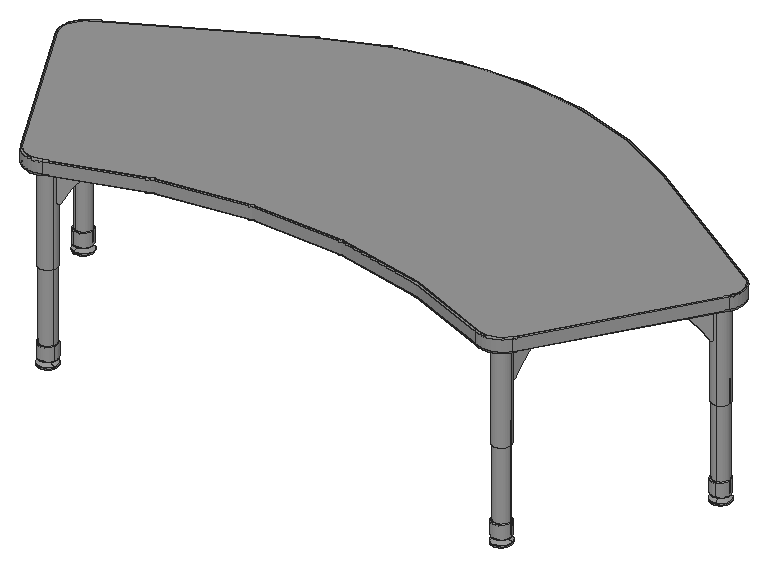
Revit family "Hierarchy Cheshire 60in Table - Youth Height", category Furniture, Revit 2018
Family settings
  Work Plane-Based = No
  Always vertical = Yes
  Cut with Voids When Loaded = No
  Shared = No
  Room Calculation Point = No
Parameters
  Table Height = 1' - 4"
  Surface = Hierarchy Cheshire 60" Table Youth Surface
  Leg Finish = Hierarchy Leg Platinum
  Edgeband = Hierarchy Cheshire 60" Table Youth Edgeband
  Caster/Glide = Hierarchy Youth Leg - Glide : Hierarchy Youth Leg - Glide
Reference planes (in)
  plane 1 "Center (Front/Back)": y = 0
  plane 2: z = 0
  plane 3 "Center (Left/Right)": x = 0
  plane 4: z = 16
Dimensions and locks (in)
  "Table Height": plane 4 to level
  aligned and locked: plane 2 to level
  aligned and locked: nested 4 to plane 4
Nested families (in)
  nested 1: "Hierarchy Youth Leg - Glide" at (-20.08287, -15.83257, 0) x (-0.9534, 0.3016, 0) z (0, 0, 1), type <- "Caster/Glide", Leg Finish <- "Leg Finish", Leg Height <- "Table Height", type "Hierarchy Youth Leg - Glide"
    with Leg Height 1' - 4", Leg Finish Hierarchy Leg Platinum
  nested 2: "Hierarchy Youth Leg - Glide" at (-28.21557, -1.73743, 0) x (-0.2588, -0.9659, 0) z (0, 0, 1), type <- "Caster/Glide", Leg Finish <- "Leg Finish", Leg Height <- "Table Height", type "Hierarchy Youth Leg - Glide"
    with Leg Height 1' - 4", Leg Finish Hierarchy Leg Platinum
  nested 3: "Hierarchy Youth Leg - Glide" at (0, 10.05727, 0) x (-1, 0, 0) z (0, 0, 1), Leg Finish <- "Leg Finish", Leg Height <- "Table Height", type "Hierarchy Youth Leg - Glide"
    with Leg Height 1' - 4", Leg Finish Hierarchy Leg Platinum
  nested 4: "Hierarchy Cheshire 60in Tabletop" at (0, 0, -7.925), type "Hierarchy Cheshire 60in Tabletop"
  nested 5: "Hierarchy Youth Leg - Glide" at (20.08287, -15.83257, 0) x (0.9534, 0.3016, 0) z (0, 0, 1), Leg Finish <- "Leg Finish", Leg Height <- "Table Height", type "Hierarchy Youth Leg - Glide"
    with Leg Height 1' - 4", Leg Finish Hierarchy Leg Platinum
  nested 6: "Hierarchy Youth Leg - Glide" at (28.21557, -1.73743, 0) x (0.2588, -0.9659, 0) z (0, 0, 1), Leg Finish <- "Leg Finish", Leg Height <- "Table Height", type "Hierarchy Youth Leg - Glide"
    with Leg Height 1' - 4", Leg Finish Hierarchy Leg Platinum
Definition of nested family "Hierarchy Youth Leg - Glide"
  Parameters (values of type "Hierarchy Youth Leg - Glide")
    Leg Finish [instance] = none
    Leg Height [instance] = 1' - 4.80117"
  Reference planes (in)
    plane 1 "Center (Front/Back)": y = 0
    plane 2: z = 0
    plane 3 "Center (Left/Right)": x = 0
  Forms (in)
    Extrusion 1, solid
      sketch origin (-0.01562, 0, 0) x (1, 0, 0) y (0, 1, 0)
        loop
          circle (0.01563, 0) r 0.67016
      from 0.67618 to 10.55018
    Revolve 2, solid
      sketch origin (0, 0, 0) x (1, 0, 0) y (0, 0, 1)
        loop
          line (-0.73189, 1.80118) -> (-0.79439, 1.73867) -> (-0.79439, 0.61381) -> (-0.73176, 0.55118) -> (-0.125, 0.55118) -> (-0.125, 0.42618) -> (-0.84656, 0.16241) -> (-0.84656, 0.08994) -> (-0.81359, 0) -> (0, 0) -> (0, 1.80118) -> (-0.73189, 1.80118)
        axis (0, 1.80118) -> (0, 0)
      angle from 0 to 360
  Dimensions and locks (in)
    "Leg Height": nested 1 to level  (x2)
    aligned and locked: plane 2 to level
  Automatic sketch dimensions
    plane 1 "Center (Front/Back)" to Extrusion 1 sketch curve = 0' - 0"
    Extrusion 1 sketch curve to plane 3 "Center (Left/Right)" = 0' - 0"
    Revolve 2 sketch curve to level = 0' - 0"
    Revolve 2 sketch curve to plane 3 "Center (Left/Right)" = 0' - 0"  (x2)
    Revolve 2 sketch curve to plane 3 "Center (Left/Right)" = 0' - 0 1/8"
    Revolve 2 sketch curve to Revolve 2 sketch curve = 0' - 0.60676"
    Revolve 2 sketch curve to Revolve 2 sketch curve = 0' - 0.73189"
    Revolve 2 sketch curve to Revolve 2 sketch curve = 0' - 0.06263"  (x2)
    Revolve 2 sketch curve to Revolve 2 sketch curve = 0' - 0.08183"
    Revolve 2 sketch curve to Revolve 2 sketch curve = 0' - 0.03297"
    level to Revolve 2 sketch curve = 0' - 0.08994"
    Revolve 2 sketch curve to Revolve 2 sketch curve = 0' - 0.07247"
    level to Revolve 2 sketch curve = 0' - 0.42618"
    Revolve 2 sketch curve to Revolve 2 sketch curve = 0' - 0 1/8"
    Revolve 2 sketch curve to Revolve 2 sketch curve = 0' - 1.12486"
    Revolve 2 sketch curve to Revolve 2 sketch curve = 0' - 0 1/16"
    Revolve 2 sketch curve to level = 2' - 0"
    Revolve 2 sketch curve to Revolve 2 sketch curve = 8' - 4.91764"
    radius of Extrusion 1 sketch curve = 0' - 0.67016"
  Nested families (in)
    nested 1: "Hierarchy Youth Upper Leg 2023" at (0, 0, 0), Leg Finish <- "Leg Finish", type "Hierarchy Youth Upper Leg 2023"
      with Leg Finish none
  Definition of nested family "Hierarchy Youth Upper Leg 2023"
    Parameters (values of type "Hierarchy Youth Upper Leg 2023")
      Leg Finish [instance] = none
    Reference planes (in)
      plane 1 "Center (Front/Back)": y = 0
      plane 2: z = 0
      plane 3 "Center (Left/Right)": x = 0
    Forms (in)
      Extrusion 1, solid, material <- "Leg Finish"
        sketch origin (0, 0, -11.001) x (1, 0, 0) y (0, 1, 0)
          loop
            circle (0, 0) r 0.75
        from 19.67618 to 27.67618
      Extrusion 2, solid, material <- "Leg Finish"
        sketch origin (0, 0, -11.001) x (1, 0, 0) y (0, 1, 0)
          loop
            line (-1.70174, 0.19183) -> (-2.88626, -2.26116)
            arc (-2.88626, -2.26116) -> (-2.83993, -3.09822) -> (-2.1063, -3.50394) r 0.86614
            line (-2.1063, -3.50394) -> (2.1063, -3.50394)
            arc (2.1063, -3.50394) -> (2.83993, -3.09822) -> (2.88626, -2.26116) r 0.86614
            line (2.88626, -2.26116) -> (1.70174, 0.19183)
            arc (1.70174, 0.19183) -> (0, 1.25984) -> (-1.70174, 0.19183) r 1.88976
        from 27.67618 to 27.80217
      Extrusion 3, solid, material <- "Leg Finish"
        sketch origin (-1.48519, 8.66524, -11.001) x (-0.434844, 0.900506, 0) y (0, 0, 1)
          loop
            line (-9.01425, 27.67618) -> (-11.80952, 27.67618)
            arc (-11.80952, 27.67618) -> (-11.92325, 27.58993) -> (-11.87088, 27.45715) r 0.11811
            arc (-11.87088, 27.45715) -> (-10.39364, 26.29679) -> (-9.23328, 24.81955) r 7.87402
            arc (-9.23328, 24.81955) -> (-9.1005, 24.76717) -> (-9.01425, 24.88091) r 0.11811
            line (-9.01425, 24.88091) -> (-9.01425, 27.67618)
        from -1.94075 to -1.81476
      Extrusion 4, solid, material <- "Leg Finish"
        sketch origin (1.48519, 8.66524, -11.001) x (0.434844, 0.900506, 0) y (0, 0, -1)
          loop
            line (-9.01425, -27.67618) -> (-9.01425, -24.88091)
            arc (-9.01425, -24.88091) -> (-9.1005, -24.76717) -> (-9.23328, -24.81955) r 0.11811
            arc (-9.23328, -24.81955) -> (-10.39364, -26.29679) -> (-11.87088, -27.45715) r 7.87402
            arc (-11.87088, -27.45715) -> (-11.92325, -27.58993) -> (-11.80952, -27.67618) r 0.11811
            line (-11.80952, -27.67618) -> (-9.01425, -27.67618)
        from -1.94075 to -1.81476
    Dimensions and locks (in)
      aligned and locked: plane 2 to level
Definition of nested family "Hierarchy Cheshire 60in Tabletop"
  Parameters (values of type "Hierarchy Cheshire 60in Tabletop")
    Surface = none
    Edgeband = none
  Reference planes (in)
    plane 1 "Center (Front/Back)": y = 0
    plane 2: z = 0
    plane 3 "Center (Left/Right)": x = 0
  Forms (in)
    Extrusion 1, solid, material <- "Surface"
      sketch origin (0, 0, 0) x (1, 0, 0) y (0, 1, 0)
        loop
          line (-29.74854, -2.73915) -> (-21.71174, -16.65929)
          arc (-21.71174, -16.65929) -> (-20.61511, -17.54024) -> (-19.21134, -17.45013) r 1.94279
          arc (-19.21134, -17.45013) -> (0, -13.20918) -> (19.21134, -17.45013) r 45.63382
          arc (19.21134, -17.45013) -> (20.61511, -17.54024) -> (21.71174, -16.65929) r 1.94279
          line (21.71174, -16.65929) -> (29.74854, -2.73915)
          arc (29.74854, -2.73915) -> (29.94262, -1.26492) -> (29.03742, -0.08525) r 1.94279
          line (29.03742, -0.08525) -> (15.56805, 7.6913)
          arc (15.56805, 7.6913) -> (0, 11.86275) -> (-15.56805, 7.6913) r 31.1361
          line (-15.56805, 7.6913) -> (-29.03742, -0.08525)
          arc (-29.03742, -0.08525) -> (-29.94262, -1.26492) -> (-29.74854, -2.73915) r 1.94279
      from 23.925 to 25.125
    Sweep 2, solid, material <- "Edgeband"
      path origin (0, 0, 0) x (1, 0, 0) y (0, 1, 0)
        loop
          line (-29.74854, -2.73915) -> (-21.71174, -16.65929)
          arc (-21.71174, -16.65929) -> (-20.61511, -17.54024) -> (-19.21134, -17.45013) r 1.94279
          arc (-19.21134, -17.45013) -> (0, -13.20918) -> (19.21134, -17.45013) r 45.63382
          arc (19.21134, -17.45013) -> (20.61511, -17.54024) -> (21.71174, -16.65929) r 1.94279
          line (21.71174, -16.65929) -> (29.74854, -2.73915)
          arc (29.74854, -2.73915) -> (29.94262, -1.26492) -> (29.03742, -0.08525) r 1.94279
          line (29.03742, -0.08525) -> (15.56805, 7.6913)
          arc (15.56805, 7.6913) -> (0, 11.86275) -> (-15.56805, 7.6913) r 31.1361
          line (-15.56805, 7.6913) -> (-29.03742, -0.08525)
          arc (-29.03742, -0.08525) -> (-29.94262, -1.26492) -> (-29.74854, -2.73915) r 1.94279
      profile origin (-25.73014, -9.69922, 0) x (0.866025, 0.5, 0) y (0, 0, 1)
        loop
          arc (0, 25.125) -> (-0.07071, 25.09571) -> (-0.1, 25.025) r 0.1
          line (-0.1, 25.025) -> (-0.1, 24.025)
          arc (-0.1, 24.025) -> (-0.07071, 23.95429) -> (0, 23.925) r 0.1
          line (0, 23.925) -> (0, 25.125)
  Dimensions and locks (in)
    aligned and locked: plane 2 to level
